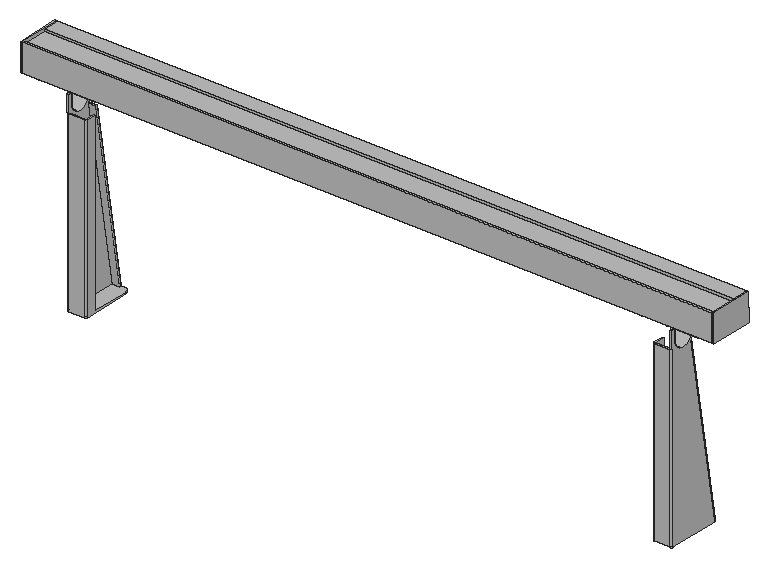
Revit family "4070755+4070747+4070772 Feilo Sylvania Lighting Fixtures CURSUS 876MM 577LM WIDE LED 4K with SINGLE WALL HOUSING with 250MM WALL BRACKET", category Lighting Fixtures, host Face, Revit 2017
Family settings
  Host = Face
  Round Connector Dimension = Use Diameter
  Part Type = Normal
  OmniClass Number = 23.80.70.14
  OmniClass Title = Luminaries for External Lighting
  Cut with Voids When Loaded = Yes
  Light Source = No
  Shared = No
  Room Calculation Point = No
Parameters (values of type "4070755 CURSUS 876MM 577LM WIDE LED 4K")
  Weight = "1.7 kg"
  Wattage Comments = "n/a"
  WarrantyStartDate [instance] = "n/a"
  WarrantyGuarantorParts = "n/a"
  WarrantyDurationUnit = "n/a"
  WarrantyDurationParts = "n/a"
  WarrantyDescription = "n/a"
  Voltage = 24 V
  URL = "http://www.sylvania-lighting.com"
  TypeName = "CURSUS 876MM 577LM WIDE LED 4K"
  TypeFixture_FEILO = CURSUS with SINGLE WALL HOUSING : CURSUS 876MM 577LM WIDE LED 4K
  Type Image = <None>
  Type Comments = "n/a"
  TiltAngle [instance] = 0.00°
  StartAngle [instance] = TiltAngle + 270.00°  # 270.00°
  SerialNumber [instance] = "n/a"
  ReflectorMaterial = none
  PowerFactor = 0
  PowerConsumption = "13.5 W"
  NominalLength = 876 mm
  NominalHeight = 50 mm
  NominalDepth = 30 mm
  Name = "CURSUS 876MM 577LM WIDE LED 4K"
  ModelReference = Name  # "CURSUS 876MM 577LM WIDE LED 4K"
  ModelNumber = "4070755"
  Model = Name  # "CURSUS 876MM 577LM WIDE LED 4K"
  Material = "natural anodised extruded aluminium structure housing"
  ManufacturerName = "Feilo Sylvania"
  Manufacturer = "Feilo Sylvania"
  LuminousEfficacy = "42.74 lm/W"
  LuminaireType = ""
  LightOutputRatio = "100"
  LampsType = Lamp  # "LED"
  LampNominalLuminous = "577 lm"
  LampMacAdamStep = "n/a"
  LampColourTemperature = "4000 K"
  LampColourRenderingIndex = "80"
  Lamp = "LED"
  Keynote = "16500"
  InstallationDate [instance] = "n/a"
  InputVoltage = "24V DC"
  InputNominalFrequency = "n/a"
  IngressProtection = "IP67"
  ImpactProtectionIndex = "IK07"
  IfcExportType = "IfcLightFixtureType"
  IfcExportAs = "IfcLightFixtureType"
  ExpectedLife = 50000
  EndAngle [instance] = StartAngle - 180.00°  # 90.00°
  ElectricShockClassification = "Class III"
  DurationUnit = "hours"
  DocumentationLiterature = "http://www.sylvania-lighting.com/product/en-int/products/4070755"
  DimmingControlOptions = "n/a"
  DiffuserMaterial = Diffuser-Sylvania-Glow
  Description = "LED Exterior Lighting Recessed Surface Mounted Linear Fixture, Natural anodised extruded aluminium structure. Die-cast aluminium end caps. Installation kit with harmonic steel springs., 577 lm, 13,5W,  42lm/W, 4000K, CRI80+,non dimmable,IP67, IK07, (HxWxD) 876x50x30mm, 3 step Mac Adam Ellipse, 1.7kg,, Classe III, 21-25V-DC, energy class : A++, A+, A"
  Default Elevation = 1219.2 mm
  CreatedOn = "1/8/2018"
  CreatedBy = ""
  Cost = 0
  built-in parameter 1114216 [instance] = (empty or 0)
  ClassificationValue = "EF_70_80"
  ClassificationName = "Uniclass2015"
  BracketWidth = 24 mm
  BracketThickness = 2 mm
  BracketHeightEnd = 32 mm
  BracketHeight = 70 mm
  BracketFlange = BracketHeight / 5  # 14 mm
  BracketExtension = 250 mm
  BracketEndReduction = 25 mm
  BracketC = 22 mm  # constant formula
  BracketDistance = 745 mm
  BracketD = BracketHeightEnd - (BracketC * (BracketHeight - BracketHeightEnd) / (BracketExtension - BracketEndReduction))  # 28.284 mm
  BodyMaterial = Body-Sylvania-Gray
  BarCode [instance] = "n/a"
  AssetType = "Fixed"
  AssetIdentifier [instance] = "n/a"
  Assembly Code = "D5020200"
  Apparent Load = 13.5 VA
  AccessoryMaterial = Diffuser-Sylvania-Glow
Reference planes
  plane 1 "Center (Front/Back)": y = 0
  plane 2: z = 0
  plane 3 "Center (Left/Right)": x = 0
  plane 4: x = -384.5
  plane 5: x = 384.5
  plane 6: y = 70
  plane 7: x = -360.5
  plane 8: x = 360.5
  plane 9: z = 250
  plane 10: z = 236
  plane 11: z = 2
  plane 12: z = 225
  plane 13: x = -382.5
  plane 14: y = 68
  plane 15: y = 2
  plane 16: x = -362.5
  plane 17: x = 362.5
  plane 18: x = 382.5
  plane 19: x = -372.5
  plane 20: x = 372.5
  plane 21: y = 14
  plane 22: y = 32
  plane 23: y = 30
  plane 24: z = 247
  plane 25: y = 28.284
  plane 26: y = 16
Forms (mm)
  Blend 1, solid, material "Body-Sylvania-Gray" <- "BodyMaterial"
    base sketch origin (1223.4, -4572, 2) x (0, -1, 0) y (1, 0, 0)
      loop
        line (-4640, -1595.9) -> (-4642, -1595.9) -> (-4642, -1605.9)
        arc (-4642, -1605.9) -> (-4641.414, -1607.314) -> (-4640, -1607.9) r 2
        line (-4640, -1607.9) -> (-4574, -1607.9)
        arc (-4574, -1607.9) -> (-4572.586, -1607.314) -> (-4572, -1605.9) r 2
        line (-4572, -1605.9) -> (-4572, -1585.9)
        arc (-4572, -1585.9) -> (-4572.586, -1584.486) -> (-4574, -1583.9) r 2
        line (-4574, -1583.9) -> (-4586, -1583.9) -> (-4586, -1585.9) -> (-4574, -1585.9) -> (-4574, -1605.9) -> (-4640, -1605.9) -> (-4640, -1595.9)
    top sketch origin (1223.4, -4572, 2) x (0, -1, 0) y (1, 0, 0)
      loop
        line (-4586, -1585.9) -> (-4574, -1585.9) -> (-4574, -1605.9) -> (-4602, -1605.9) -> (-4602, -1595.9) -> (-4604, -1595.9) -> (-4604, -1605.9)
        arc (-4604, -1605.9) -> (-4603.52, -1607.21) -> (-4602.309, -1607.9) r 2.028
        line (-4602.309, -1607.9) -> (-4574, -1607.9)
        arc (-4574, -1607.9) -> (-4572.586, -1607.314) -> (-4572, -1605.9) r 2
        line (-4572, -1605.9) -> (-4572, -1585.9)
        arc (-4572, -1585.9) -> (-4572.586, -1584.486) -> (-4574, -1583.9) r 2
        line (-4574, -1583.9) -> (-4586, -1583.9) -> (-4586, -1585.9)
    from 0 to 223
  Extrusion 2, solid, material "Body-Sylvania-Gray" <- "BodyMaterial"
    sketch origin (0, 0, 0) x (1, 0, 0) y (0, 1, 0)
      loop
        arc (-382.5, 70) -> (-383.914, 69.414) -> (-384.5, 68) r 2
        line (-384.5, 68) -> (-384.5, 2)
        arc (-384.5, 2) -> (-383.914, 0.586) -> (-382.5, 0) r 2
        line (-382.5, 0) -> (-362.5, 0)
        arc (-362.5, 0) -> (-361.086, 0.586) -> (-360.5, 2) r 2
        line (-360.5, 2) -> (-360.5, 62.5)
        arc (-360.5, 62.5) -> (-362.697, 67.803) -> (-368, 70) r 7.5
        line (-368, 70) -> (-382.5, 70)
      loop
        line (382.5, 70) -> (368, 70)
        arc (368, 70) -> (362.697, 67.803) -> (360.5, 62.5) r 7.5
        line (360.5, 62.5) -> (360.5, 2)
        arc (360.5, 2) -> (361.086, 0.586) -> (362.5, 0) r 2
        line (362.5, 0) -> (382.5, 0)
        arc (382.5, 0) -> (383.914, 0.586) -> (384.5, 2) r 2
        line (384.5, 2) -> (384.5, 68)
        arc (384.5, 68) -> (383.914, 69.414) -> (382.5, 70) r 2
    from 0 to 2
  Blend 3, solid, material "Body-Sylvania-Gray" <- "BodyMaterial"
    base sketch origin (1223.4, -4572, 2) x (0, -1, 0) y (1, 0, 0)
      loop
        line (-4640, -840.9) -> (-4574, -840.9) -> (-4574, -860.9) -> (-4586, -860.9) -> (-4586, -862.9) -> (-4574, -862.9)
        arc (-4574, -862.9) -> (-4572.586, -862.314) -> (-4572, -860.9) r 2
        line (-4572, -860.9) -> (-4572, -840.9)
        arc (-4572, -840.9) -> (-4572.586, -839.486) -> (-4574, -838.9) r 2
        line (-4574, -838.9) -> (-4640, -838.9)
        arc (-4640, -838.9) -> (-4641.414, -839.486) -> (-4642, -840.9) r 2
        line (-4642, -840.9) -> (-4642, -850.9) -> (-4640, -850.9) -> (-4640, -840.9)
    top sketch origin (1223.4, -4572, 2) x (0, -1, 0) y (1, 0, 0)
      loop
        line (-4602, -850.9) -> (-4602, -840.9) -> (-4574, -840.9) -> (-4574, -860.9) -> (-4586, -860.9) -> (-4586, -862.9) -> (-4574, -862.9)
        arc (-4574, -862.9) -> (-4572.586, -862.314) -> (-4572, -860.9) r 2
        line (-4572, -860.9) -> (-4572, -840.9)
        arc (-4572, -840.9) -> (-4572.586, -839.486) -> (-4574, -838.9) r 2
        line (-4574, -838.9) -> (-4602, -838.9)
        arc (-4602, -838.9) -> (-4603.414, -839.486) -> (-4604, -840.9) r 2
        line (-4604, -840.9) -> (-4604, -850.9) -> (-4602, -850.9)
    from 0 to 223
  Blend 4, solid, material "Body-Sylvania-Gray" <- "BodyMaterial"
    base sketch origin (1223.4, -4572, 225) x (0, -1, 0) y (1, 0, 0)
      loop
        line (-4604, -1607.9) -> (-4572, -1607.9) -> (-4572, -1605.9) -> (-4604, -1605.9) -> (-4604, -1607.9)
    top sketch origin (1223.4, -4572, 225) x (0, -1, 0) y (1, 0, 0)
      loop
        line (-4572, -1607.9) -> (-4572, -1605.9) -> (-4600.284, -1605.9) -> (-4600.284, -1607.9) -> (-4572, -1607.9)
    from 0 to 22
  Blend 5, solid, material "Body-Sylvania-Gray" <- "BodyMaterial"
    base sketch origin (1223.4, -4572, 225) x (0, -1, 0) y (1, 0, 0)
      loop
        line (-4604, -840.9) -> (-4572, -840.9) -> (-4572, -838.9) -> (-4604, -838.9) -> (-4604, -840.9)
    top sketch origin (1223.4, -4572, 225) x (0, -1, 0) y (1, 0, 0)
      loop
        line (-4572, -838.9) -> (-4600.284, -838.9) -> (-4600.284, -840.9) -> (-4572, -840.9) -> (-4572, -838.9)
    from 0 to 22
  Extrusion 6, void
    sketch origin (0, 0, 0) x (0, 1, 0) y (0, 0, 1)
      loop
        line (0, 225) -> (2, 225) -> (2, 226.5) -> (0, 226.5) -> (0, 225)
      loop
        line (32, 225) -> (32, 226.5) -> (30, 226.5) -> (30, 225) -> (32, 225)
    from -384.5 to 384.5
  Revolve 7, solid, not visible
    sketch origin (1524, 16, 1219.2) x (1, 0, 0) y (0, 0, 1)
      loop
        line (-1524, -972.2) -> (-1524, -983.2) -> (-1151.5, -983.2) -> (-1151.5, -972.2) -> (-1524, -972.2)
      axis (-1151.5, -983.2) -> (-1524, -983.2)
    angle from 270 <- "StartAngle" to 90 <- "EndAngle"
Cuts and joins
  Extrusion 6 cuts Blend 4
  Extrusion 6 cuts Blend 5
  joined: Blend 1, Extrusion 2, Blend 3, Blend 4, Blend 5
Lines and regions (mm)
  reference lines, not visible
    curve 1: line (-360.5, 16, 236) -> (360.5, 16, 236)
Dimensions and locks
  equal spacing: plane 4, plane 3 "Center (Left/Right)", plane 5
  "BracketDistance": plane 19 to plane 20
  "BracketHeight": plane 1 "Center (Front/Back)" to plane 6
  equal spacing: plane 7, plane 3 "Center (Left/Right)", plane 8
  "BracketWidth": plane 4 to plane 7
  "BracketExtension": plane 9 to plane 2
  "BracketThickness": plane 11 to plane 2
  "BracketEndReduction": plane 9 to plane 12
  equal spacing: plane 13, plane 3 "Center (Left/Right)", plane 18
  equal spacing: plane 16, plane 3 "Center (Left/Right)", plane 17
  "BracketThickness": plane 4 to plane 13
  "BracketThickness": plane 16 to plane 7
  "BracketThickness": plane 14 to plane 6
  "BracketThickness": plane 1 "Center (Front/Back)" to plane 15
  equal spacing: plane 4, plane 19, plane 7
  equal spacing: plane 8, plane 20, plane 5
  "BracketFlange": plane 1 "Center (Front/Back)" to plane 21
  "BracketHeightEnd": plane 1 "Center (Front/Back)" to plane 22
  "BracketThickness": plane 23 to plane 22
  locked: Extrusion 2 sketch curve to plane 7 at 7.5
  locked: Extrusion 2 sketch curve to plane 6 at 7.5  (x2)
  locked: plane 8 to Extrusion 2 sketch curve at 7.5
  "BracketC": plane 24 to plane 12
  "BracketD": plane 1 "Center (Front/Back)" to plane 25
  locked: plane 12 to Extrusion 6 sketch curve at 1.5
  equal spacing: plane 24, plane 10, plane 12
  equal spacing: plane 1 "Center (Front/Back)", plane 26, plane 22
  aligned and locked: plane 2 to host face
  aligned and locked: level to host face
  aligned and locked: plane 4 to Blend 1 sketch curve  (x2)
  aligned and locked: plane 13 to Blend 1 sketch curve  (x3)
  aligned and locked: Blend 1 sketch curve to plane 15
  aligned and locked: Blend 1 sketch curve to plane 16
  aligned and locked: Blend 1 sketch curve to plane 21
  aligned and locked: plane 7 to Blend 1 sketch curve
  aligned and locked: plane 16 to Blend 1 sketch curve
  aligned and locked: plane 1 "Center (Front/Back)" to Blend 1 sketch curve
  aligned and locked: plane 14 to Blend 1 sketch curve
  aligned and locked: Blend 1 sketch curve to var sketch  (x6)
  aligned and locked: Blend 1 sketch curve to plane 19
  aligned and locked: Blend 1 sketch curve to plane 22
  aligned and locked: plane 23 to Blend 1 sketch curve
  aligned and locked: plane 11 to Blend 1
  aligned and locked: Extrusion 2 sketch curve to Blend 1  (x3)
  aligned and locked: Extrusion 2 to level
  aligned and locked: Extrusion 2 to plane 11
  aligned and locked: Extrusion 2 sketch curve to plane 7
  aligned and locked: plane 18 to Blend 3 sketch curve  (x4)
  aligned and locked: plane 14 to Blend 3 sketch curve  (x2)
  aligned and locked: Blend 3 sketch curve to plane 20
  aligned and locked: Blend 3 sketch curve to plane 6
  aligned and locked: plane 5 to Blend 3 sketch curve
  aligned and locked: plane 1 "Center (Front/Back)" to Blend 3 sketch curve
  aligned and locked: plane 15 to Blend 3 sketch curve  (x2)
  aligned and locked: Blend 3 sketch curve to plane 8
  aligned and locked: Blend 3 sketch curve to plane 21
  aligned and locked: plane 17 to Blend 3 sketch curve
  aligned and locked: Blend 3 sketch curve to plane 18
  aligned and locked: plane 20 to Blend 3 sketch curve  (x2)
  aligned and locked: Blend 3 sketch curve to plane 23
  aligned and locked: Blend 3 sketch curve to var sketch  (x8)
  aligned and locked: var sketch to Blend 3 sketch curve
  aligned and locked: plane 22 to Blend 3 sketch curve
  aligned and locked: plane 11 to Blend 3
  aligned and locked: Extrusion 2 sketch curve to Blend 3  (x4)
  aligned and locked: Blend 1 to plane 12
  aligned and locked: Blend 3 to plane 12
  aligned and locked: Blend 4 sketch curve to plane 22
  aligned and locked: Blend 4 sketch curve to cut or joined group of Blend 1, Extrusion 2, Blend 3, Blend 4, Blend 5, Extrusion 6  (x2)
  aligned and locked: cut or joined group of Blend 1, Extrusion 2, Blend 3, Blend 4, Blend 5, Extrusion 6 to Blend 4 sketch curve
  aligned and locked: Blend 4 sketch curve to var sketch  (x2)
  aligned and locked: Blend 4 sketch curve to plane 13
  aligned and locked: Blend 4 to plane 24
  aligned and locked: Blend 4 sketch curve to plane 25
  aligned and locked: Blend 5 sketch curve to plane 18  (x2)
  aligned and locked: plane 1 "Center (Front/Back)" to Blend 5 sketch curve
  aligned and locked: plane 5 to Blend 5 sketch curve
  aligned and locked: plane 22 to Blend 5 sketch curve
  aligned and locked: Blend 5 sketch curve to var sketch
  aligned and locked: var sketch to Blend 5 sketch curve
  aligned and locked: Blend 5 sketch curve to plane 25
  aligned and locked: Blend 5 to plane 24
  aligned and locked: plane 12 to Blend 5
  aligned and locked: Extrusion 6 sketch curve to cut or joined group of Blend 1, Extrusion 2, Blend 3, Blend 4, Blend 5, Extrusion 6  (x2)
  aligned and locked: Extrusion 6 sketch curve to Extrusion 6 sketch curve
  aligned and locked: Extrusion 6 sketch curve to plane 15
  aligned and locked: plane 5 to Extrusion 6
  aligned and locked: Extrusion 6 to plane 4
  aligned and locked: Extrusion 6 sketch curve to plane 23
  aligned and locked: Revolve 7 sketch curve to plane 10  (x2)
  aligned and locked: plane 24 to Revolve 7 sketch curve
  aligned and locked: plane 3 "Center (Left/Right)" to Revolve 7 sketch curve
  aligned and locked: Revolve 7 sketch curve to plane 20
  aligned and locked: plane 7 to curve 1
  aligned and locked: plane 10 to curve 1
  aligned and locked: nested 1 to plane 5
  aligned and locked: nested 2 to plane 4
  aligned and locked: nested 1 to curve 1
  aligned and locked: nested 2 to curve 1
  aligned and locked: nested 1 to nested 3
  aligned and locked: nested 3 to plane 3 "Center (Left/Right)"
Automatic sketch dimensions
  host sketch curve to host sketch curve = 2438.4 mm  (x2)
  Blend 1 sketch curve to plane 13 = 0 mm
  plane 15 to Blend 1 sketch curve = 0 mm  (x3)
  Blend 1 sketch curve to plane 23 = 0.309 mm
  plane 6 to Blend 1 sketch curve = 0 mm
  plane 14 to Blend 1 sketch curve = 0 mm
  Blend 1 sketch curve to plane 19 = 0 mm
  Blend 3 sketch curve to plane 17 = 0 mm
  Extrusion 6 sketch curve to plane 1 "Center (Front/Back)" = 0 mm
  plane 12 to Extrusion 6 sketch curve = 0 mm
  Revolve 7 sketch curve to plane 4 = 1153 mm
  plane 5 to Revolve 7 sketch curve = 1161.4 mm
  curve 1 to plane 8 = 0 mm
Nested families
  nested 1: "MountingPlate" at (383.5, 16, 236) x (-1, 0, 0) z (0, 0, 1), type "MountingPlate"
  nested 2: "MountingPlate" at (-383.5, 16, 236) x (-1, 0, 0) z (0, 0, 1), type "MountingPlate"
  nested 3: "CURSUS with SINGLE WALL HOUSING" at (0, -4, 254) x (-1, 0, 0) z (0, 0, 1), type <- "TypeFixture_FEILO", type "CURSUS 876MM 577LM WIDE LED 4K"
    with WarrantyStartDate "n/a", SerialNumber "n/a", InstallationDate "n/a", EndCapRight yes, EndCapLeft yes, built-in parameter 1114216 (empty or 0), BarCode "n/a", AssetIdentifier "n/a"
Connectors
  electrical at (0, 0, 0), driven by "Voltage", driven by "Apparent Load", driven by "PowerFactor"
    settings: index 1, voltage 24 V, apparent load 13.5 VA, apparent load phase1 0 VA, apparent load phase2 0 VA, apparent load phase3 0 VA, power factor 0, load classification "Other", number of poles 1, system type 30, power factor state 1, is connector primary yes, connector utility no, sub classification motor no, connector description ""
Definition of nested family "MountingPlate"
  Parameters (values of type "MountingPlate")
    URL = "http://www.feilosylvania.com"
    Type Comments = "n/a"
    ReflectorMaterial = none
    MountingPlateWidth = 76 mm
    MountingPlateThickness = 2 mm
    MountingPlateRadiusBack = 12 mm
    MountingPlateRadius = 3 mm
    MountingPlateHeight = 35 mm
    Model = "n/a"
    Manufacturer = "Feilo Sylvania"
    Keynote = "n/a"
    DiffuserMaterial = none
    Description = "n/a"
    Default Elevation = 1219.2 mm
    Cost = 0
    BodyMaterial = none
    Assembly Code = "n/a"
    AccessoryMaterial = none
  Reference planes
    plane 1 "Center (Front/Back)": y = 0
    plane 2: z = 0
    plane 3 "Center (Left/Right)": x = 0
    plane 4: x = -38
    plane 5: x = 38
    plane 6: y = 17.5
    plane 7: y = -17.5
    plane 8: x = -3
    plane 9: x = 3
    plane 10: z = 18
    plane 11: z = 16
    plane 12: y = 12.5
    plane 13: y = -12.5
    plane 14: x = -1
    plane 15: x = 1
    plane 16: z = -12.5
    plane 17: z = -14.5
  Forms (mm)
    Extrusion 1, solid
      sketch origin (1.653, 0, 0) x (1, 0, 0) y (0, 1, 0)
        loop
          line (-1219.2, 1219.2) -> (-1219.2, -1219.2) -> (1219.2, -1219.2) -> (1219.2, 1219.2) -> (-1219.2, 1219.2)
      from 0 to -304.8
    Extrusion 2, solid, material <- "BodyMaterial"
      sketch origin (1218.4, -4572, 16) x (0, -1, 0) y (-1, 0, 0)
        loop
          line (-4589.5, 1253.4) -> (-4589.5, 1224.4)
          arc (-4589.5, 1224.4) -> (-4588.621, 1222.279) -> (-4586.5, 1221.4) r 3
          line (-4586.5, 1221.4) -> (-4557.5, 1221.4)
          arc (-4557.5, 1221.4) -> (-4555.379, 1222.279) -> (-4554.5, 1224.4) r 3
          line (-4554.5, 1224.4) -> (-4554.5, 1253.4)
          arc (-4554.5, 1253.4) -> (-4555.379, 1255.521) -> (-4557.5, 1256.4) r 3
          line (-4557.5, 1256.4) -> (-4586.5, 1256.4)
          arc (-4586.5, 1256.4) -> (-4588.621, 1255.521) -> (-4589.5, 1253.4) r 3
        loop
          arc (-4589.5, 1183.4) -> (-4588.621, 1181.279) -> (-4586.5, 1180.4) r 3
          line (-4586.5, 1180.4) -> (-4557.5, 1180.4)
          arc (-4557.5, 1180.4) -> (-4555.379, 1181.279) -> (-4554.5, 1183.4) r 3
          line (-4554.5, 1183.4) -> (-4554.5, 1212.4)
          arc (-4554.5, 1212.4) -> (-4555.379, 1214.521) -> (-4557.5, 1215.4) r 3
          line (-4557.5, 1215.4) -> (-4586.5, 1215.4)
          arc (-4586.5, 1215.4) -> (-4588.621, 1214.521) -> (-4589.5, 1212.4) r 3
          line (-4589.5, 1212.4) -> (-4589.5, 1183.4)
      from 0 to -2
    Extrusion 3, solid, material <- "BodyMaterial"
      sketch origin (0, 0, 0) x (1, 0, 0) y (0, 0, 1)
        loop
          line (-3, 18) -> (-3, -12.5) -> (-1, -12.5) -> (-1, 16)
          arc (-1, 16) -> (-1.586, 17.414) -> (-3, 18) r 2
        loop
          line (3, -12.5) -> (3, 18)
          arc (3, 18) -> (1.586, 17.414) -> (1, 16) r 2
          line (1, 16) -> (1, -12.5) -> (3, -12.5)
      from -12.5 to 12.5
    Extrusion 4, void
      sketch origin (0, 0, 0) x (0, 1, 0) y (0, 0, 1)
        loop
          line (-12.5, -0.5) -> (-17.5, -0.5) -> (-17.5, -14.5) -> (-0.5, -14.5) -> (-0.5, -12.5)
          arc (-0.5, -12.5) -> (-8.985, -8.985) -> (-12.5, -0.5) r 12
        loop
          line (0.5, -12.5) -> (0.5, -14.5) -> (17.5, -14.5) -> (17.5, -0.5) -> (12.5, -0.5)
          arc (12.5, -0.5) -> (8.985, -8.985) -> (0.5, -12.5) r 12
      from -3 to 3
  Cuts and joins
    Extrusion 4 cuts Extrusion 2
    Extrusion 4 cuts Extrusion 3
    joined: Extrusion 2, Extrusion 3
  Lines and regions (mm)
    reference lines
      curve 1: line (-38, 0, 0) -> (38, 0, 0)
  Dimensions and locks
    equal spacing: plane 4, plane 3 "Center (Left/Right)", plane 5
    "MountingPlateWidth": plane 4 to plane 5
    equal spacing: plane 7, plane 1 "Center (Front/Back)", plane 6
    "MountingPlateHeight": plane 7 to plane 6
    equal spacing: plane 8, plane 3 "Center (Left/Right)", plane 9
    "MountingPlateHeight": plane 4 to plane 8
    locked: plane 10 to plane 2 at 18
    "MountingPlateThickness": plane 10 to plane 11
    equal spacing: plane 13, plane 1 "Center (Front/Back)", plane 12
    locked: plane 13 to plane 12 at 25
    "MountingPlateRadius": plane 4 to Extrusion 2 sketch curve  (x2)
    "MountingPlateRadius": Extrusion 2 sketch curve to plane 6  (x4)
    "MountingPlateRadius": Extrusion 2 sketch curve to plane 8  (x2)
    "MountingPlateRadius": plane 7 to Extrusion 2 sketch curve  (x4)
    "MountingPlateRadius": plane 9 to Extrusion 2 sketch curve  (x2)
    "MountingPlateRadius": Extrusion 2 sketch curve to plane 5  (x2)
    equal spacing: plane 15, plane 3 "Center (Left/Right)", plane 14
    "MountingPlateThickness": plane 14 to plane 8
    locked: plane 2 to plane 16 at 12.5
    locked: plane 17 to plane 16 at 2
    "MountingPlateRadiusBack": plane 13 to Extrusion 4 sketch curve
    "MountingPlateRadiusBack": plane 16 to Extrusion 4 sketch curve  (x2)
    "MountingPlateRadiusBack": Extrusion 4 sketch curve to plane 12
    aligned and locked: plane 2 to Extrusion 1
    aligned and locked: level to Extrusion 1
    aligned and locked: Extrusion 2 sketch curve to plane 6
    aligned and locked: Extrusion 2 sketch curve to plane 4
    aligned and locked: plane 7 to Extrusion 2 sketch curve
    aligned and locked: plane 8 to Extrusion 2 sketch curve
    aligned and locked: plane 6 to Extrusion 2 sketch curve
    aligned and locked: Extrusion 2 sketch curve to plane 5
    aligned and locked: Extrusion 2 sketch curve to plane 7
    aligned and locked: plane 9 to Extrusion 2 sketch curve
    aligned and locked: Extrusion 2 to plane 10
    aligned and locked: plane 11 to Extrusion 2
    aligned and locked: Extrusion 3 sketch curve to Extrusion 2  (x2)
    aligned and locked: plane 16 to Extrusion 3 sketch curve  (x2)
    aligned and locked: plane 14 to Extrusion 3 sketch curve
    aligned and locked: plane 9 to Extrusion 3 sketch curve
    aligned and locked: plane 15 to Extrusion 3 sketch curve
    aligned and locked: Extrusion 3 to plane 12
    aligned and locked: plane 13 to Extrusion 3
    aligned and locked: plane 17 to Extrusion 4 sketch curve  (x2)
    aligned and locked: Extrusion 4 sketch curve to plane 7
    aligned and locked: Extrusion 4 sketch curve to plane 6
    aligned and locked: plane 9 to Extrusion 4
    aligned and locked: Extrusion 4 to plane 8
    aligned and locked: plane 4 to curve 1
    aligned and locked: curve 1 to level
  Automatic sketch dimensions
    Extrusion 1 sketch curve to Extrusion 1 sketch curve = 2438.4 mm  (x2)
    Extrusion 3 sketch curve to plane 11 = 0 mm
    curve 1 to plane 5 = 0 mm
    Extrusion 4 sketch curve to plane 13 = 0 mm
    Extrusion 4 sketch curve to plane 12 = 0 mm
Definition of nested family "CURSUS with SINGLE WALL HOUSING"
  Parameters (values of type "CURSUS 1161MM 827LM OVAL LED 3K")
    Width_FEILO = 35 mm
    Weight = "2.2 kg"
    Wattage Comments = "n/a"
    Wattage = 18 W
    WarrantyStartDate [instance] = "n/a"
    WarrantyGuarantorParts = "n/a"
    WarrantyDurationUnit = "n/a"
    WarrantyDurationParts = "n/a"
    WarrantyDescription = "n/a"
    WallThickness_FEILO = 2.5 mm
    built-in parameter 1150110 = 1 (stored number, unit not read)
    Voltage = 24 V
    URL = "http://www.feilosylvania.com"
    TypeName = "CURSUS 1161MM 827LM OVAL LED 3K"
    Type Image = (empty or 0)
    Type Comments = "n/a"
    built-in parameter 1114217 = 1 (stored number, unit not read)
    Tilt Angle = -90.00°
    built-in parameter 1150109 = 1 (stored number, unit not read)
    built-in parameter 1150134 = (empty or 0)
    built-in parameter 1150113 = 1 (stored number, unit not read)
    SerialNumber [instance] = "n/a"
    ReflectorMaterial = none
    PowerFactor = 0
    PowerConsumption = "18 W"
    Photometric Web File = "4070765.ies"
    NominalLength = 1161 mm
    NominalHeight = 50 mm
    NominalDepth = 30 mm
    Name = "CURSUS 1161MM 827LM OVAL LED 3K"
    ModelReference = Name  # "CURSUS 1161MM 827LM OVAL LED 3K"
    ModelNumber = ""
    Model = Name  # "CURSUS 1161MM 827LM OVAL LED 3K"
    Material = "natural anodised extruded aluminium structure housing, optical system with pmma lenses diffuser"
    ManufacturerName = "Feilo Sylvania"
    Manufacturer = "Feilo Sylvania"
    LuminousEfficacy = "45.94 lm/W"
    built-in parameter 1150105 = 1166.5 (stored number, unit not read)
    Lumens = 827 lm
    LuminaireType = ""
    built-in parameter 1150115 = 1 (stored number, unit not read)
    LightOutputRatio = "100"
    built-in parameter 1150137 = (empty or 0)
    built-in parameter 1150139 = (empty or 0)
    Length_FEILO = 1167 mm
    LampsType = Lamp  # "LED"
    LampNominalLuminous = "827 lm"
    LampMacAdamStep = "n/a"
    LampColourTemperature = "3000 K"
    LampColourRenderingIndex = "80"
    built-in parameter 1150112 = 1 (stored number, unit not read)
    built-in parameter 1150114 = 1 (stored number, unit not read)
    Lamp = "LED"
    Keynote = "16500"
    InstallationDate [instance] = "n/a"
    InputVoltage = "24V DC"
    InputNominalFrequency = "n/a"
    built-in parameter 1150132 = (empty or 0)
    built-in parameter 1150102 = (empty or 0)
    built-in parameter 1150107 = 3000 (stored number, unit not read)
    built-in parameter 1150138 = (empty or 0)
    IngressProtection = "IP67"
    ImpactProtectionIndex = "IK07"
    built-in parameter 1150106 = 11.665 (stored number, unit not read)
    IfcExportType = "IfcLightFixtureType"
    IfcExportAs = "IfcLightFixtureType"
    ExpectedLife = 50000
    EndCapRight [instance] = yes
    EndCapLeft [instance] = yes
    Emit from Rectangle Width = Width_FEILO - WallThickness_FEILO * 2  # 30 mm
    Emit from Rectangle Length = Length_FEILO - WallThickness_FEILO * 2  # 1162 mm
    Emit Shape Visible in Rendering = no
    ElectricShockClassification = "Class III"
    built-in parameter 1150104 = 4.2684 (stored number, unit not read)
    DurationUnit = "hours"
    DocumentationLiterature = "http://www.feilosylvania.com/product/en-int/products/4070765"
    DimmingControlOptions = "n/a"
    Dimming Lamp Color Temperature Shift = (empty or 0)
    DiffuserMaterial = none
    Description = "LED Exterior Lighting Recessed Surface Mounted Linear Fixture, Natural anodised extruded aluminium structure. Die-cast aluminium end caps. Installation kit with harmonic steel springs., 827 lm, 18W, 45lm/W, 3000K, CRI80+,non dimmable,IP67, IK07, (HxWxD) 1161x50x30mm, 3 step Mac Adam Ellipse, 2.2kg,, Classe III, 21-25V-DC, energy class : A++, A+, A"
    Default Elevation = 1219.2 mm
    CreatedOn = "1/8/2018"
    CreatedBy = "aron.fodor@feilosylvania.com"
    Cost = 0
    Color Filter = 16777215
    built-in parameter 1114216 [instance] = (empty or 0)
    ClassificationValue = "EF_70_80"
    ClassificationName = "Uniclass2015"
    BodyMaterial = none
    BarCode [instance] = "n/a"
    built-in parameter 1114218 = 1 (stored number, unit not read)
    built-in parameter 1150133 = 10 (stored number, unit not read)
    AssetType = "Fixed"
    AssetIdentifier [instance] = "n/a"
    Assembly Code = "D5020200"
    Apparent Load = 18 VA
    AccessoryMaterial = none
  Types (16, lengths in mm): name | Weight | Wattage | Voltage | TypeName | built-in parameter 1150134 | PowerConsumption | Photometric Web File | NominalLength | Name | ModelReference | Model | Material | LuminousEfficacy | built-in parameter 1150105 | Lumens | Length_FEILO | LampNominalLuminous | LampColourTemperature | InputVoltage | InputNominalFrequency | built-in parameter 1150107 | built-in parameter 1150106 | Emit from Rectangle Length | built-in parameter 1150104 | DocumentationLiterature | Description | Apparent Load
    CURSUS 1161MM 827LM OVAL LED 3K | "2.2 kg" | 18 W | 24 V | "CURSUS 1161MM 827LM OVAL LED 3K" | (empty or 0) | "18 W" | "4070765.ies" | 1161 | "CURSUS 1161MM 827LM OVAL LED 3K" | "CURSUS 1161MM 827LM OVAL LED 3K" | "CURSUS 1161MM 827LM OVAL LED 3K" | "natural anodised extruded aluminium structure housing, optical system with pmma lenses diffuser" | "45.94 lm/W" | 1166.5 (stored number, unit not read) | 827 lm | 1167 | "827 lm" | "3000 K" | "24V DC" | "n/a" | 3000 (stored number, unit not read) | 11.665 (stored number, unit not read) | 1162 | 4.2684 (stored number, unit not read) | "http://www.feilosylvania.com/product/en-int/products/4070765" | "LED Exterior Lighting Recessed Surface Mounted Linear Fixture, Natural anodised extruded aluminium structure. Die-cast aluminium end caps. Installation kit with harmonic steel springs., 827 lm, 18W, 45lm/W, 3000K, CRI80+,non dimmable,IP67, IK07, (HxWxD) 1161x50x30mm, 3 step Mac Adam Ellipse, 2.2kg,, Classe III, 21-25V-DC, energy class : A++, A+, A" | 18 VA
    CURSUS 1161MM 731LM WIDE LED 3K | "2.2 kg" | 18 W | 230 V | "CURSUS 1161MM 731LM WIDE LED 3K" | (empty or 0) | "18 W" | "4070764.ies" | 1161 | "CURSUS 1161MM 731LM WIDE LED 3K" | "CURSUS 1161MM 731LM WIDE LED 3K" | "CURSUS 1161MM 731LM WIDE LED 3K" | "natural anodised extruded aluminium structure housing" | "40.61 lm/W" | 403.47 (stored number, unit not read) | 731 lm | 1167 | "731 lm" | "3000 K" | "220-240V~" | "n/a" | 3000 (stored number, unit not read) | 4.0347 (stored number, unit not read) | 1162 | 3.7729 (stored number, unit not read) | "http://www.feilosylvania.com/product/en-int/products/4070764" | "LED Exterior Lighting Recessed Surface Mounted Linear Fixture, Natural anodised extruded aluminium structure. Die-cast aluminium end caps. Installation kit with harmonic steel springs., 731 lm, 18W, 40lm/W, 3000K, CRI80+,non dimmable,IP67, IK07, (HxWxD) 1161x50x30mm, 3 step Mac Adam Ellipse, 2.2kg,, Classe III, 21-25V-DC, energy class : A++, A+, A" | 18 VA
    CURSUS 1161MM 871LM OVAL LED 4K | "2.2 kg" | 18 W | 24 V | "CURSUS 1161MM 871LM OVAL LED 4K" | 12 | "18 W" | "4070763.ies" | 1161 | "CURSUS 1161MM 871LM OVAL LED 4K" | "CURSUS 1161MM 871LM OVAL LED 4K" | "CURSUS 1161MM 871LM OVAL LED 4K" | "natural anodised extruded aluminium structure housing, optical system with pmma lenses diffuser" | "48.38 lm/W" | 1192.8 (stored number, unit not read) | 871 lm | 1167 | "871 lm" | "4000 K" | "24V DC" | "50/60 Hz" | 4000 (stored number, unit not read) | 11.928 (stored number, unit not read) | 1162 | 4.4955 (stored number, unit not read) | "http://www.feilosylvania.com/product/en-int/products/4070763" | "LED Exterior Lighting Recessed Surface Mounted Linear Fixture, Natural anodised extruded aluminium structure. Die-cast aluminium end caps. Installation kit with harmonic steel springs., 871 lm, 18W,  48lm/W, 4000K, CRI80+,non dimmable,IP67, IK07, (HxWxD) 1161x50x30mm, 3 step Mac Adam Ellipse, 2.2kg,, Classe III, 21-25V-DC, energy class : A++, A+, A" | 18 VA
    CURSUS 1161MM 770LM WIDE LED 4K | "2.2 kg" | 18 W | 230 V | "CURSUS 1161MM 770LM WIDE LED 4K" | 12 | "18 W" | "4070762.ies" | 1161 | "CURSUS 1161MM 770LM WIDE LED 4K" | "CURSUS 1161MM 770LM WIDE LED 4K" | "CURSUS 1161MM 770LM WIDE LED 4K" | "natural anodised extruded aluminium structure housing" | "42.77 lm/W" | 424.94 (stored number, unit not read) | 770 lm | 1167 | "770 lm" | "4000 K" | "220-240V~" | "n/a" | 4000 (stored number, unit not read) | 4.2494 (stored number, unit not read) | 1162 | 3.9742 (stored number, unit not read) | "http://www.feilosylvania.com/product/en-int/products/4070762" | "LED Exterior Lighting Recessed Surface Mounted Linear Fixture, Natural anodised extruded aluminium structure. Die-cast aluminium end caps. Installation kit with harmonic steel springs., 770 lm, 18W,  42lm/W, 4000K, CRI80+,non dimmable,IP67, IK07, (HxWxD) 1161x50x30mm, 3 step Mac Adam Ellipse, 2.2kg,, Classe III, 21-25V-DC, energy class : A++, A+, A" | 18 VA
    CURSUS 876MM 620LM OVAL LED 3K | "1.7 kg" | 13.5 W | 24 V | "CURSUS 876MM 620LM OVAL LED 3K" | (empty or 0) | "13.5 W" | "4070758.ies" | 876 | "CURSUS 876MM 620LM OVAL LED 3K" | "CURSUS 876MM 620LM OVAL LED 3K" | "CURSUS 876MM 620LM OVAL LED 3K" | "natural anodised extruded aluminium structure housing, optical system with pmma lenses diffuser" | "45.92 lm/W" | 874.55 (stored number, unit not read) | 620 lm | 882 | "620 lm" | "3000 K" | "24V DC" | "50/60 Hz" | 3000 (stored number, unit not read) | 8.7455 (stored number, unit not read) | 877 | 4.2667 (stored number, unit not read) | "http://www.feilosylvania.com/product/en-int/products/4070758" | "LED Exterior Lighting Recessed Surface Mounted Linear Fixture, Natural anodised extruded aluminium structure. Die-cast aluminium end caps. Installation kit with harmonic steel springs., 620 lm, 13,5W, 45lm/W, 3000K, CRI80+,non dimmable,IP67, IK07, (HxWxD) 876x50x30mm, 3 step Mac Adam Ellipse, 1.7kg,, Classe III, 21-25V-DC, energy class : A++, A+, A" | 13.5 VA
    CURSUS 876MM 548LM WIDE LED 3K | "1.7 kg" | 13.5 W | 24 V | "CURSUS 876MM 548LM WIDE LED 3K" | (empty or 0) | "13.5 W" | "4070757.ies" | 876 | "CURSUS 876MM 548LM WIDE LED 3K" | "CURSUS 876MM 548LM WIDE LED 3K" | "CURSUS 876MM 548LM WIDE LED 3K" | "natural anodised extruded aluminium structure housing" | "40.59 lm/W" | 302.47 (stored number, unit not read) | 548 lm | 882 | "548 lm" | "3000 K" | "24V DC" | "n/a" | 3000 (stored number, unit not read) | 3.0247 (stored number, unit not read) | 877 | 3.7712 (stored number, unit not read) | "http://www.feilosylvania.com/product/en-int/products/4070757" | "LED Exterior Lighting Recessed Surface Mounted Linear Fixture, Natural anodised extruded aluminium structure. Die-cast aluminium end caps. Installation kit with harmonic steel springs., 548 lm, 13,5W, 40lm/W, 3000K, CRI80+,non dimmable,IP67, IK07, (HxWxD) 876x50x30mm, 3 step Mac Adam Ellipse, 1.7kg,, Classe III, 21-25V-DC, energy class : A++, A+, A" | 13.5 VA
    CURSUS 876MM 653LM OVAL LED 4K | "1.7 kg" | 13.5 W | 24 V | "CURSUS 876MM 653LM OVAL LED 4K" | 12 | "13.5 W" | "4070756.ies" | 876 | "CURSUS 876MM 653LM OVAL LED 4K" | "CURSUS 876MM 653LM OVAL LED 4K" | "CURSUS 876MM 653LM OVAL LED 4K" | "natural anodised extruded aluminium structure housing, optical system with pmma lenses diffuser" | "48.37 lm/W" | 894.28 (stored number, unit not read) | 653 lm | 882 | "653 lm" | "4000 K" | "24V DC" | "n/a" | 4000 (stored number, unit not read) | 8.9428 (stored number, unit not read) | 877 | 4.4938 (stored number, unit not read) | "http://www.feilosylvania.com/product/en-int/products/4070756" | "LED Exterior Lighting Recessed Surface Mounted Linear Fixture, Natural anodised extruded aluminium structure. Die-cast aluminium end caps. Installation kit with harmonic steel springs., 653 lm, 13,5W,  48lm/W, 4000K, CRI80+,non dimmable,IP67, IK07, (HxWxD) 876x50x30mm, 3 step Mac Adam Ellipse, 1.7kg,, Classe III, 21-25V-DC, energy class : A++, A+, A" | 13.5 VA
    CURSUS 876MM 577LM WIDE LED 4K | "1.7 kg" | 13.5 W | 24 V | "CURSUS 876MM 577LM WIDE LED 4K" | 12 | "13.5 W" | "4070755.ies" | 876 | "CURSUS 876MM 577LM WIDE LED 4K" | "CURSUS 876MM 577LM WIDE LED 4K" | "CURSUS 876MM 577LM WIDE LED 4K" | "natural anodised extruded aluminium structure housing" | "42.74 lm/W" | 318.43 (stored number, unit not read) | 577 lm | 882 | "577 lm" | "4000 K" | "24V DC" | "n/a" | 4000 (stored number, unit not read) | 3.1843 (stored number, unit not read) | 877 | 3.9707 (stored number, unit not read) | "http://www.feilosylvania.com/product/en-int/products/4070755" | "LED Exterior Lighting Recessed Surface Mounted Linear Fixture, Natural anodised extruded aluminium structure. Die-cast aluminium end caps. Installation kit with harmonic steel springs., 577 lm, 13,5W,  42lm/W, 4000K, CRI80+,non dimmable,IP67, IK07, (HxWxD) 876x50x30mm, 3 step Mac Adam Ellipse, 1.7kg,, Classe III, 21-25V-DC, energy class : A++, A+, A" | 13.5 VA
    CURSUS 591MM 414LM OVAL LED 3K | "1.2 kg" | 9 W | 24 V | "CURSUS 591MM 414LM OVAL LED 3K" | (empty or 0) | "9 W" | "4070751.ies" | 591 | "CURSUS 591MM 414LM OVAL LED 3K" | "CURSUS 591MM 414LM OVAL LED 3K" | "CURSUS 591MM 414LM OVAL LED 3K" | "natural anodised extruded aluminium structure housing, optical system with pmma lenses diffuser" | "46 lm/W" | 583.97 (stored number, unit not read) | 414 lm | 597 | "414 lm" | "3000 K" | "24V DC" | "n/a" | 3000 (stored number, unit not read) | 5.8397 (stored number, unit not read) | 592 | 4.2735 (stored number, unit not read) | "http://www.feilosylvania.com/product/en-int/products/4070751" | "LED Exterior Lighting Recessed Surface Mounted Linear Fixture, Natural anodised extruded aluminium structure. Die-cast aluminium end caps. Installation kit with harmonic steel springs., 414 lm, 9W, 46lm/W, 3000K, CRI80+,non dimmable,IP67, IK07, (HxWxD) 591x50x30mm, 3 step Mac Adam Ellipse, 1.2kg,, Classe III, 21-25V-DC, energy class : A++, A+, A" | 9 VA
    CURSUS 591MM 365LM WIDE LED 3K | "1.2 kg" | 9 W | 24 V | "CURSUS 591MM 365LM WIDE LED 3K" | (empty or 0) | "9 W" | "4070750.ies" | 591 | "CURSUS 591MM 365LM WIDE LED 3K" | "CURSUS 591MM 365LM WIDE LED 3K" | "CURSUS 591MM 365LM WIDE LED 3K" | "natural anodised extruded aluminium structure housing" | "40.55 lm/W" | 201.45 (stored number, unit not read) | 365 lm | 597 | "365 lm" | "3000 K" | "24V DC" | "n/a" | 3000 (stored number, unit not read) | 2.0145 (stored number, unit not read) | 592 | 3.7677 (stored number, unit not read) | "http://www.feilosylvania.com/product/en-int/products/4070750" | "LED Exterior Lighting Recessed Surface Mounted Linear Fixture, Natural anodised extruded aluminium structure. Die-cast aluminium end caps. Installation kit with harmonic steel springs., 365 lm, 9W, 40lm/W, 3000K, CRI80+,non dimmable,IP67, IK07, (HxWxD) 591x50x30mm, 3 step Mac Adam Ellipse, 1.2kg,, Classe III, 21-25V-DC, energy class : A++, A+, A" | 9 VA
    CURSUS 591MM 435LM OVAL LED 4K | "1.2 kg" | 9 W | 24 V | "CURSUS 591MM 435LM OVAL LED 4K" | 12 | "9 W" | "4070749.ies" | 591 | "CURSUS 591MM 435LM OVAL LED 4K" | "CURSUS 591MM 435LM OVAL LED 4K" | "CURSUS 591MM 435LM OVAL LED 4K" | "natural anodised extruded aluminium structure housing, optical system with pmma lenses diffuser" | "48.33 lm/W" | 595.73 (stored number, unit not read) | 435 lm | 597 | "435 lm" | "4000 K" | "24V DC" | "n/a" | 4000 (stored number, unit not read) | 5.9573 (stored number, unit not read) | 592 | 4.4903 (stored number, unit not read) | "http://www.feilosylvania.com/product/en-int/products/4070749" | "LED Exterior Lighting Recessed Surface Mounted Linear Fixture, Natural anodised extruded aluminium structure. Die-cast aluminium end caps. Installation kit with harmonic steel springs., 435 lm, 9W, 48lm/W, 4000K, CRI80+,non dimmable,IP67, IK07, (HxWxD) 591x50x30mm, 3 step Mac Adam Ellipse, 1.2kg,, Classe III, 21-25V-DC, energy class : A++, A+, A" | 9 VA
    CURSUS 591MM 385LM WIDE LED 4K | "1.2 kg" | 9 W | 24 V | "CURSUS 591MM 385LM WIDE LED 4K" | 12 | "9 W" | "4070748.ies" | 591 | "CURSUS 591MM 385LM WIDE LED 4K" | "CURSUS 591MM 385LM WIDE LED 4K" | "CURSUS 591MM 385LM WIDE LED 4K" | "natural anodised extruded aluminium structure housing" | "42.77 lm/W" | 212.47 (stored number, unit not read) | 385 lm | 597 | "385 lm" | "4000 K" | "24V DC" | "n/a" | 4000 (stored number, unit not read) | 2.1247 (stored number, unit not read) | 592 | 3.9742 (stored number, unit not read) | "http://www.feilosylvania.com/product/en-int/products/4070748" | "LED Exterior Lighting Recessed Surface Mounted Linear Fixture, Natural anodised extruded aluminium structure. Die-cast aluminium end caps. Installation kit with harmonic steel springs., 385 lm, 9W,  42lm/W, 4000K, CRI80+,non dimmable,IP67, IK07, (HxWxD) 591x50x30mm, 3 step Mac Adam Ellipse, 1.2kg,, Classe III, 21-25V-DC, energy class : A++, A+, A" | 9 VA
    CURSUS 306MM 207LM OVAL LED3K | "0.6 kg" | 4.5 W | 24 V | "CURSUS 306MM 207LM OVAL LED3K" | (empty or 0) | "4.5 W" | "4070744.ies" | 306 | "CURSUS 306MM 207LM OVAL LED3K" | "CURSUS 306MM 207LM OVAL LED3K" | "CURSUS 306MM 207LM OVAL LED3K" | "natural anodised extruded aluminium structure housing, optical system with pmma lenses diffuser" | "46 lm/W" | 291.98 (stored number, unit not read) | 207 lm | 312 | "207 lm" | "3000 K" | "24V DC" | "n/a" | 3000 (stored number, unit not read) | 2.9198 (stored number, unit not read) | 307 | 4.2735 (stored number, unit not read) | "http://www.feilosylvania.com/product/en-int/products/4070744" | "LED Exterior Lighting Recessed Surface Mounted Linear Fixture, Natural anodised extruded aluminium structure. Die-cast aluminium end caps. Installation kit with harmonic steel springs., 207 lm, 4,5W, 46lm/W, 3000K, CRI80+,non dimmable,IP67, IK07, (HxWxD) 306x50x30mm, 3 step Mac Adam Ellipse, 0.6kg,, Classe III, 21-25V-DC, energy class : A++, A+, A" | 4.5 VA
    CURSUS 306MM 183LM WIDE LED 3K | "0.6 kg" | 4.5 W | 24 V | "CURSUS 306MM 183LM WIDE LED 3K" | (empty or 0) | "4.5 W" | "4070743.ies" | 306 | "CURSUS 306MM 183LM WIDE LED 3K" | "CURSUS 306MM 183LM WIDE LED 3K" | "CURSUS 306MM 183LM WIDE LED 3K" | "natural anodised extruded aluminium structure housing" | "40.66 lm/W" | 101.01 (stored number, unit not read) | 183 lm | 312 | "183 lm" | "3000 K" | "24V DC" | "n/a" | 3000 (stored number, unit not read) | 1.0101 (stored number, unit not read) | 307 | 3.7781 (stored number, unit not read) | "http://www.feilosylvania.com/product/en-int/products/4070743" | "LED Exterior Lighting Recessed Surface Mounted Linear Fixture, Natural anodised extruded aluminium structure. Die-cast aluminium end caps. Installation kit with harmonic steel springs., 183 lm, 4,5W, 40lm/W, 3000K, CRI80+,non dimmable,IP67, IK07, (HxWxD) 306x50x30mm, 3 step Mac Adam Ellipse, 0.6kg,, Classe III, 21-25V-DC, energy class : A++, A+, A" | 4.5 VA
    CURSUS 306MM 218LM OVAL LED 4K | "0.6 kg" | 4.5 W | 24 V | "CURSUS 306MM 218LM OVAL LED 4K" | 12 | "4.5 W" | "4070742.ies" | 306 | "CURSUS 306MM 218LM OVAL LED 4K" | "CURSUS 306MM 218LM OVAL LED 4K" | "CURSUS 306MM 218LM OVAL LED 4K" | "natural anodised extruded aluminium structure housing, optical system with pmma lenses diffuser" | "48.44 lm/W" | 298.55 (stored number, unit not read) | 218 lm | 312 | "218 lm" | "4000 K" | "24V DC" | "n/a" | 4000 (stored number, unit not read) | 2.9855 (stored number, unit not read) | 307 | 4.5006 (stored number, unit not read) | "http://www.feilosylvania.com/product/en-int/products/4070742" | "LED Exterior Lighting Recessed Surface Mounted Linear Fixture, Natural anodised extruded aluminium structure. Die-cast aluminium end caps. Installation kit with harmonic steel springs., 218 lm, 4,5W,  48lm/W, 4000K, CRI80+,non dimmable,IP67, IK07, (HxWxD) 306x50x30mm, 3 step Mac Adam Ellipse, 0.6kg,, Classe III, 21-25V-DC, energy class : A++, A+, A" | 4.5 VA
    CURSUS 306MM 192LM WIDE LED 4K | "0.6 kg" | 4.5 W | 24 V | "CURSUS 306MM 192LM WIDE LED 4K" | 12 | "4.5 W" | "4070741.ies" | 306 | "CURSUS 306MM 192LM WIDE LED 4K" | "CURSUS 306MM 192LM WIDE LED 4K" | "CURSUS 306MM 192LM WIDE LED 4K" | "natural anodised extruded aluminium structure housing" | "42.66 lm/W" | 105.96 (stored number, unit not read) | 192 lm | 312 | "192 lm" | "4000 K" | "24V DC" | "n/a" | 4000 (stored number, unit not read) | 1.0596 (stored number, unit not read) | 307 | 3.9639 (stored number, unit not read) | "http://www.feilosylvania.com/product/en-int/products/4070741" | "LED Exterior Lighting Recessed Surface Mounted Linear Fixture, Natural anodised extruded aluminium structure. Die-cast aluminium end caps. Installation kit with harmonic steel springs., 192 lm, 4,5W,  42lm/W, 4000K, CRI80+,non dimmable,IP67, IK07, (HxWxD) 306x50x30mm, 3 step Mac Adam Ellipse, 0.6kg,, Classe III, 21-25V-DC, energy class : A++, A+, A" | 4.5 VA
  Reference planes
    plane 1 "Center (Front/Back)": y = 0
    plane 2: z = 0
    plane 3 "Center (Left/Right)": x = 0
    plane 4: x = 583.5
    plane 5: x = -583.5
    plane 6: x = -581
    plane 7: x = 581
    plane 8: z = 35
    plane 9: z = 17.5
    plane 10: z = 32.5
    plane 11: z = 2.5
    plane 12: z = 30
    plane 13: z = 5
    plane 14: y = -55
    plane 15: y = -53
    plane 16: y = -2.5
    plane 17: y = -37
    plane 18: y = -34.5
  Forms (mm)
    Extrusion 1, solid
      sketch origin (4.2, 0, 0) x (1, 0, 0) y (0, 1, 0)
        loop
          line (-1219.2, 1219.2) -> (-1219.2, -1219.2) -> (1219.2, -1219.2) -> (1219.2, 1219.2) -> (-1219.2, 1219.2)
      from 0 to -304.8
    Extrusion 2, solid, material <- "BodyMaterial"
      sketch origin (0, 0, 0) x (0, 1, 0) y (0, 0, 1)
        loop
          line (0, 35) -> (-2.5, 35) -> (-2.5, 32.5) -> (-34.5, 32.5) -> (-34.5, 35) -> (-55, 35) -> (-55, 32.5) -> (-37, 32.5) -> (-37, 30) -> (-2.5, 30) -> (-2.5, 5) -> (-37, 5) -> (-37, 2.5) -> (-55, 2.5) -> (-55, 0) -> (-34.5, 0) -> (-34.5, 2.5) -> (-2.5, 2.5) -> (-2.5, 0) -> (0, 0) -> (0, 35)
      from -581 to 581
    Extrusion 3, solid, material <- "DiffuserMaterial"
      sketch origin (0, 0, 0) x (0, 1, 0) y (0, 0, 1)
        loop
          line (-37, 32.5) -> (-55, 32.5) -> (-55, 19.5) -> (-53, 17.5) -> (-55, 15.5) -> (-55, 2.5) -> (-37, 2.5) -> (-37, 32.5)
      from -581 to 581
    Extrusion 4, solid, material <- "BodyMaterial", visible <- "EndCapRight"
      sketch origin (581, 1524, 1219.2) x (0, 1, 0) y (0, 0, 1)
        loop
          line (-1579, -1184.2) -> (-1579, -1219.2) -> (-1524, -1219.2) -> (-1524, -1184.2) -> (-1579, -1184.2)
      from 0 to 2.5
    Extrusion 5, solid, material <- "BodyMaterial", visible <- "EndCapLeft"
      sketch origin (-581, 1524, 1219.2) x (0, 1, 0) y (0, 0, 1)
        loop
          line (-1579, -1184.2) -> (-1579, -1219.2) -> (-1524, -1219.2) -> (-1524, -1184.2) -> (-1579, -1184.2)
      from -2.5 to 0
  Dimensions and locks
    equal spacing: plane 5, plane 3 "Center (Left/Right)", plane 4
    "Length_FEILO": plane 5 to plane 4
    equal spacing: plane 6, plane 3 "Center (Left/Right)", plane 7
    "WallThickness_FEILO": plane 5 to plane 6
    locked: plane 9 to plane 2 at 17.5
    locked: plane 8 to plane 2 at 35
    equal spacing: plane 11, plane 9, plane 10
    equal spacing: plane 13, plane 9, plane 12
    "WallThickness_FEILO": plane 12 to plane 10
    locked: plane 14 to plane 15 at 2
    locked: plane 14 to plane 17 at 18
    "WallThickness_FEILO": plane 17 to plane 18
    "WallThickness_FEILO": plane 16 to plane 1 "Center (Front/Back)"
    locked: plane 15 to Extrusion 3 sketch curve (angle 45.00°)
    locked: Extrusion 3 sketch curve to plane 15 (angle 45.00°)
    aligned and locked: plane 2 to Extrusion 1
    aligned and locked: level to Extrusion 1
    aligned and locked: plane 1 "Center (Front/Back)" to Extrusion 2 sketch curve
    aligned and locked: Extrusion 2 sketch curve to plane 8  (x2)
    aligned and locked: plane 16 to Extrusion 2 sketch curve
    aligned and locked: Extrusion 1 to Extrusion 2 sketch curve
    aligned and locked: Extrusion 2 sketch curve to plane 16  (x2)
    aligned and locked: Extrusion 2 sketch curve to plane 11
    aligned and locked: plane 18 to Extrusion 2 sketch curve
    aligned and locked: level to Extrusion 2 sketch curve
    aligned and locked: plane 11 to Extrusion 2 sketch curve
    aligned and locked: Extrusion 2 sketch curve to plane 17
    aligned and locked: plane 13 to Extrusion 2 sketch curve
    aligned and locked: Extrusion 2 sketch curve to plane 12
    aligned and locked: plane 10 to Extrusion 2 sketch curve  (x2)
    aligned and locked: plane 17 to Extrusion 2 sketch curve  (x2)
    aligned and locked: plane 12 to Extrusion 2 sketch curve
    aligned and locked: Extrusion 2 sketch curve to plane 10
    aligned and locked: Extrusion 2 sketch curve to plane 18
    aligned and locked: plane 7 to Extrusion 2
    aligned and locked: Extrusion 2 to plane 6
    aligned and locked: Extrusion 3 sketch curve to Extrusion 2  (x4)
    aligned and locked: Extrusion 2 to Extrusion 3 sketch curve
    aligned and locked: plane 9 to Extrusion 3 sketch curve
    aligned and locked: plane 7 to Extrusion 3
    aligned and locked: Extrusion 3 to plane 6
    aligned and locked: Extrusion 4 sketch curve to Extrusion 2  (x4)
    aligned and locked: plane 4 to Extrusion 4
    aligned and locked: Extrusion 4 to plane 7
    aligned and locked: Extrusion 5 sketch curve to Extrusion 4  (x3)
    aligned and locked: Extrusion 5 sketch curve to Extrusion 2
    aligned and locked: Extrusion 5 to plane 5
    aligned and locked: plane 6 to Extrusion 5
    aligned and locked: plane 14 to imposter light
    aligned and locked: imposter light to plane 9
    aligned and locked: plane 3 "Center (Left/Right)" to imposter light
  Automatic sketch dimensions
    Extrusion 1 sketch curve to Extrusion 1 sketch curve = 2438.4 mm  (x2)
    Extrusion 2 sketch curve to plane 14 = 0 mm  (x2)
    Extrusion 3 sketch curve to plane 15 = 0 mm
  Connectors
    electrical at (0, 0, 0), driven by "Apparent Load", driven by "PowerFactor", driven by "Voltage"
      settings: index 1, voltage 24 V, apparent load 18 VA, apparent load phase1 0 VA, apparent load phase2 0 VA, apparent load phase3 0 VA, power factor 0, load classification none, number of poles 1, system type 30, power factor state 1, is connector primary yes, connector utility no, sub classification motor no, connector description ""
